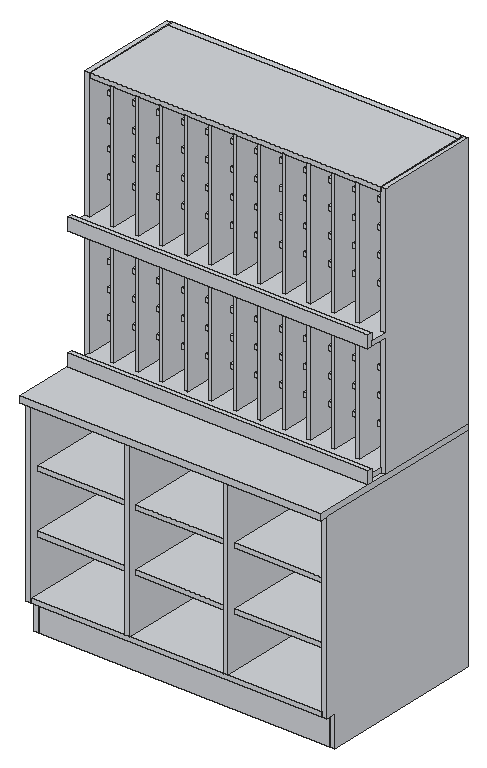
Revit family "CAB0794", category Specialty Equipment, Revit 2017 (continued)
Automatic sketch dimensions
  plane 6 "FRONT" to Extrusion 10 sketch curve = 1 1/4"
  Extrusion 10 sketch curve to plane 7 "BACK" = 3/4"
  Extrusion 10 sketch curve to Extrusion 10 sketch curve = 3/4"
  Extrusion 11 sketch curve to plane 22 = 3/4"
  Extrusion 11 sketch curve to plane 7 "BACK" = 3/4"
  plane 17 to Extrusion 11 sketch curve = 0.11205"
  Extrusion 11 sketch curve to plane 17 = 0.63795"
  Extrusion 14 sketch curve to plane 1 "Center (Front/Back)" = 1 3/4"  (x8)
  Extrusion 14 sketch curve to plane 7 "BACK" = 3/4"  (x8)
  Extrusion 14 sketch curve to plane 18 = 2.6"
  Extrusion 14 sketch curve to Extrusion 14 sketch curve = 3/4"  (x8)
  Extrusion 14 sketch curve to Extrusion 14 sketch curve = 3.35"  (x6)
  Extrusion 14 sketch curve to plane 16 = 2.6"
  Extrusion 15 sketch curve to plane 1 "Center (Front/Back)" = 1 3/4"  (x8)
  Extrusion 15 sketch curve to plane 7 "BACK" = 3/4"  (x8)
  Extrusion 15 sketch curve to plane 18 = 2.6"
  Extrusion 15 sketch curve to Extrusion 15 sketch curve = 3/4"  (x8)
  Extrusion 15 sketch curve to Extrusion 15 sketch curve = 3.35"  (x6)
  Extrusion 15 sketch curve to plane 16 = 2.6"
  Extrusion 16 sketch curve to plane 1 "Center (Front/Back)" = 1 3/4"  (x8)
  Extrusion 16 sketch curve to plane 7 "BACK" = 3/4"  (x8)
  Extrusion 16 sketch curve to plane 18 = 2.6"
  Extrusion 16 sketch curve to Extrusion 16 sketch curve = 3/4"  (x8)
  Extrusion 16 sketch curve to Extrusion 16 sketch curve = 3.35"  (x6)
  Extrusion 16 sketch curve to plane 16 = 2.6"
  Extrusion 17 sketch curve to plane 1 "Center (Front/Back)" = 1 3/4"  (x8)
  Extrusion 17 sketch curve to plane 7 "BACK" = 3/4"  (x8)
  Extrusion 17 sketch curve to plane 18 = 2.6"
  Extrusion 17 sketch curve to Extrusion 17 sketch curve = 3/4"  (x8)
  Extrusion 17 sketch curve to Extrusion 17 sketch curve = 3.35"  (x6)
  Extrusion 17 sketch curve to plane 16 = 2.6"
  Extrusion 18 sketch curve to plane 1 "Center (Front/Back)" = 1 3/4"  (x8)
  Extrusion 18 sketch curve to plane 7 "BACK" = 3/4"  (x8)
  Extrusion 18 sketch curve to plane 18 = 2.6"
  Extrusion 18 sketch curve to Extrusion 18 sketch curve = 3/4"  (x8)
  Extrusion 18 sketch curve to Extrusion 18 sketch curve = 3.35"  (x6)
  Extrusion 18 sketch curve to plane 16 = 2.6"
  Extrusion 19 sketch curve to plane 1 "Center (Front/Back)" = 1 3/4"  (x8)
  Extrusion 19 sketch curve to plane 7 "BACK" = 3/4"  (x8)
  Extrusion 19 sketch curve to plane 18 = 2.6"
  Extrusion 19 sketch curve to Extrusion 19 sketch curve = 3/4"  (x8)
  Extrusion 19 sketch curve to Extrusion 19 sketch curve = 3.35"  (x6)
  Extrusion 19 sketch curve to plane 16 = 2.6"
  Extrusion 20 sketch curve to plane 1 "Center (Front/Back)" = 1 3/4"  (x8)
  Extrusion 20 sketch curve to plane 7 "BACK" = 3/4"  (x8)
  Extrusion 20 sketch curve to plane 18 = 2.6"
  Extrusion 20 sketch curve to Extrusion 20 sketch curve = 3/4"  (x8)
  Extrusion 20 sketch curve to Extrusion 20 sketch curve = 3.35"  (x6)
  Extrusion 20 sketch curve to plane 16 = 2.6"
  Extrusion 21 sketch curve to plane 1 "Center (Front/Back)" = 1 3/4"  (x8)
  Extrusion 21 sketch curve to plane 7 "BACK" = 3/4"  (x8)
  Extrusion 21 sketch curve to plane 18 = 2.6"
  Extrusion 21 sketch curve to Extrusion 21 sketch curve = 3/4"  (x8)
  Extrusion 21 sketch curve to Extrusion 21 sketch curve = 3.35"  (x6)
  Extrusion 21 sketch curve to plane 16 = 2.6"
  Extrusion 22 sketch curve to plane 1 "Center (Front/Back)" = 1 3/4"  (x8)
  Extrusion 22 sketch curve to plane 7 "BACK" = 3/4"  (x8)
  Extrusion 22 sketch curve to plane 18 = 2.6"
  Extrusion 22 sketch curve to Extrusion 22 sketch curve = 3/4"  (x8)
  Extrusion 22 sketch curve to Extrusion 22 sketch curve = 3.35"  (x6)
  Extrusion 22 sketch curve to plane 16 = 2.6"
  Extrusion 23 sketch curve to plane 1 "Center (Front/Back)" = 1 3/4"  (x8)
  Extrusion 23 sketch curve to plane 7 "BACK" = 3/4"  (x8)
  Extrusion 23 sketch curve to plane 18 = 2.6"
  Extrusion 23 sketch curve to Extrusion 23 sketch curve = 3/4"  (x8)
  Extrusion 23 sketch curve to Extrusion 23 sketch curve = 3.35"  (x6)
  Extrusion 23 sketch curve to plane 16 = 2.6"
  Extrusion 24 sketch curve to plane 1 "Center (Front/Back)" = 1 3/4"  (x8)
  Extrusion 24 sketch curve to plane 7 "BACK" = 3/4"  (x8)
  Extrusion 24 sketch curve to plane 18 = 2.6"
  Extrusion 24 sketch curve to Extrusion 24 sketch curve = 3/4"  (x8)
  Extrusion 24 sketch curve to Extrusion 24 sketch curve = 3.35"  (x6)
  Extrusion 24 sketch curve to plane 16 = 2.6"
  Extrusion 25 sketch curve to plane 1 "Center (Front/Back)" = 1 3/4"  (x8)
  Extrusion 25 sketch curve to plane 7 "BACK" = 3/4"  (x8)
  Extrusion 25 sketch curve to plane 18 = 2.6"
  Extrusion 25 sketch curve to Extrusion 25 sketch curve = 3/4"  (x8)
  Extrusion 25 sketch curve to Extrusion 25 sketch curve = 3.35"  (x6)
  Extrusion 25 sketch curve to plane 16 = 2.6"
  Extrusion 26 sketch curve to plane 1 "Center (Front/Back)" = 1 3/4"  (x8)
  Extrusion 26 sketch curve to plane 7 "BACK" = 3/4"  (x8)
  Extrusion 26 sketch curve to plane 18 = 2.6"
  Extrusion 26 sketch curve to Extrusion 26 sketch curve = 3/4"  (x8)
  Extrusion 26 sketch curve to Extrusion 26 sketch curve = 3.35"  (x6)
  Extrusion 26 sketch curve to plane 16 = 2.6"
  Extrusion 27 sketch curve to plane 1 "Center (Front/Back)" = 1 3/4"  (x8)
  Extrusion 27 sketch curve to plane 7 "BACK" = 3/4"  (x8)
  Extrusion 27 sketch curve to plane 18 = 2.6"
  Extrusion 27 sketch curve to Extrusion 27 sketch curve = 3/4"  (x8)
  Extrusion 27 sketch curve to Extrusion 27 sketch curve = 3.35"  (x6)
  Extrusion 27 sketch curve to plane 16 = 2.6"
  Extrusion 28 sketch curve to plane 1 "Center (Front/Back)" = 1 3/4"  (x8)
  Extrusion 28 sketch curve to plane 7 "BACK" = 3/4"  (x8)
  Extrusion 28 sketch curve to plane 18 = 2.6"
  Extrusion 28 sketch curve to Extrusion 28 sketch curve = 3/4"  (x8)
  Extrusion 28 sketch curve to Extrusion 28 sketch curve = 3.35"  (x6)
  Extrusion 28 sketch curve to plane 16 = 2.6"
  Extrusion 29 sketch curve to plane 1 "Center (Front/Back)" = 1 3/4"  (x8)
  Extrusion 29 sketch curve to plane 7 "BACK" = 3/4"  (x8)
  Extrusion 29 sketch curve to plane 18 = 2.6"
  Extrusion 29 sketch curve to Extrusion 29 sketch curve = 3/4"  (x8)
  Extrusion 29 sketch curve to Extrusion 29 sketch curve = 3.35"  (x6)
  Extrusion 29 sketch curve to plane 16 = 2.6"
  Extrusion 30 sketch curve to plane 1 "Center (Front/Back)" = 1 3/4"  (x8)
  Extrusion 30 sketch curve to plane 7 "BACK" = 3/4"  (x8)
  Extrusion 30 sketch curve to plane 18 = 2.6"
  Extrusion 30 sketch curve to Extrusion 30 sketch curve = 3/4"  (x8)
  Extrusion 30 sketch curve to Extrusion 30 sketch curve = 3.35"  (x6)
  Extrusion 30 sketch curve to plane 16 = 2.6"
  Extrusion 31 sketch curve to plane 1 "Center (Front/Back)" = 1 3/4"  (x8)
  Extrusion 31 sketch curve to plane 7 "BACK" = 3/4"  (x8)
  Extrusion 31 sketch curve to plane 18 = 2.6"
  Extrusion 31 sketch curve to Extrusion 31 sketch curve = 3/4"  (x8)
  Extrusion 31 sketch curve to Extrusion 31 sketch curve = 3.35"  (x6)
  Extrusion 31 sketch curve to plane 16 = 2.6"
  Extrusion 32 sketch curve to plane 1 "Center (Front/Back)" = 1 3/4"  (x8)
  Extrusion 32 sketch curve to plane 7 "BACK" = 3/4"  (x8)
  Extrusion 32 sketch curve to plane 18 = 2.6"
  Extrusion 32 sketch curve to Extrusion 32 sketch curve = 3/4"  (x8)
  Extrusion 32 sketch curve to Extrusion 32 sketch curve = 3.35"  (x6)
  Extrusion 32 sketch curve to plane 16 = 2.6"
  Extrusion 33 sketch curve to plane 1 "Center (Front/Back)" = 1 3/4"  (x8)
  Extrusion 33 sketch curve to plane 7 "BACK" = 3/4"  (x8)
  Extrusion 33 sketch curve to plane 18 = 2.6"
  Extrusion 33 sketch curve to Extrusion 33 sketch curve = 3/4"  (x8)
  Extrusion 33 sketch curve to Extrusion 33 sketch curve = 3.35"  (x6)
  Extrusion 33 sketch curve to plane 16 = 2.6"
  Extrusion 34 sketch curve to plane 1 "Center (Front/Back)" = 1 3/4"  (x8)
  Extrusion 34 sketch curve to plane 7 "BACK" = 3/4"  (x8)
  Extrusion 34 sketch curve to plane 18 = 2.6"
  Extrusion 34 sketch curve to Extrusion 34 sketch curve = 3/4"  (x8)
  Extrusion 34 sketch curve to Extrusion 34 sketch curve = 3.35"  (x6)
  Extrusion 34 sketch curve to plane 16 = 2.6"
  Extrusion 35 sketch curve to plane 1 "Center (Front/Back)" = 1 3/4"  (x8)
  Extrusion 35 sketch curve to plane 7 "BACK" = 3/4"  (x8)
  Extrusion 35 sketch curve to plane 18 = 2.6"
  Extrusion 35 sketch curve to Extrusion 35 sketch curve = 3/4"  (x8)
  Extrusion 35 sketch curve to Extrusion 35 sketch curve = 3.35"  (x6)
  Extrusion 35 sketch curve to plane 16 = 2.6"
  Extrusion 36 sketch curve to plane 1 "Center (Front/Back)" = 1 3/4"  (x8)
  Extrusion 36 sketch curve to plane 7 "BACK" = 3/4"  (x8)
  Extrusion 36 sketch curve to plane 18 = 2.6"
  Extrusion 36 sketch curve to Extrusion 36 sketch curve = 3/4"  (x8)
  Extrusion 36 sketch curve to Extrusion 36 sketch curve = 3.35"  (x6)
  Extrusion 36 sketch curve to plane 16 = 2.6"
  Extrusion 37 sketch curve to plane 13 = 0"
  Extrusion 37 sketch curve to plane 7 "BACK" = 0"
  level to Extrusion 37 sketch curve = 3/4"
  plane 6 "FRONT" to Extrusion 37 sketch curve = 2.85256"
  plane 6 "FRONT" to Extrusion 37 sketch curve = 1 1/4"
  plane 19 to Extrusion 37 sketch curve = 1/2"
  plane 14 to Extrusion 40 sketch curve = 0"
  plane 20 to Extrusion 40 sketch curve = 1/4"
  Extrusion 40 sketch curve to plane 5 = 3/4"
  plane 19 to Extrusion 40 sketch curve = 1/2"
  Extrusion 41 sketch curve to plane 13 = 0"
  plane 6 "FRONT" to Extrusion 41 sketch curve = 2.85256"
  Extrusion 41 sketch curve to Extrusion 41 sketch curve = 3/4"
  level to Extrusion 41 sketch curve = 3/4"
  Revolve 42 sketch curve to plane 13 = 0"
  Revolve 42 sketch curve to level = 0"
  Revolve 42 sketch curve to plane 13 = 1/4"
  plane 6 "FRONT" to Revolve 42 sketch curve = 3.60256"
  level to Revolve 42 sketch curve = 0.51642"
  plane 6 "FRONT" to Revolve 42 sketch curve = 3.9804"
  Revolve 42 sketch curve to Revolve 42 sketch curve = 0.37783"
  Revolve 42 sketch curve to Revolve 42 sketch curve = 1/4"  (x2)
  Revolve 42 sketch curve to Revolve 42 sketch curve = 0.7696"
  level to Revolve 42 sketch curve = 0.14142"
  Revolve 42 sketch curve to Revolve 42 sketch curve = 7/16"
  Revolve 42 sketch curve to Revolve 42 sketch curve = 0.5196"
  Revolve 42 sketch curve to Revolve 42 sketch curve = 1.9316"
  Revolve 42 sketch curve to Revolve 42 sketch curve = 3/4"
  Revolve 43 sketch curve to plane 13 = 0"
  Revolve 43 sketch curve to level = 0"
  plane 13 to Revolve 43 sketch curve = 1/4"
  plane 7 "BACK" to Revolve 43 sketch curve = 3.60256"
  Revolve 43 sketch curve to level = 0.51642"
  plane 7 "BACK" to Revolve 43 sketch curve = 3.9804"
  Revolve 43 sketch curve to Revolve 43 sketch curve = 0.37783"
  Revolve 43 sketch curve to Revolve 43 sketch curve = 1/4"  (x2)
  Revolve 43 sketch curve to Revolve 43 sketch curve = 0.7696"
  Revolve 43 sketch curve to Revolve 43 sketch curve = 0.14142"
  Revolve 43 sketch curve to Revolve 43 sketch curve = 7/16"
  Revolve 43 sketch curve to Revolve 43 sketch curve = 0.5196"
  Revolve 43 sketch curve to Revolve 43 sketch curve = 1.9316"
  Revolve 43 sketch curve to Revolve 43 sketch curve = 3/4"
  Revolve 44 sketch curve to plane 13 = 0"
  Revolve 44 sketch curve to level = 0"
  Revolve 44 sketch curve to plane 13 = 1/4"
  plane 6 "FRONT" to Revolve 44 sketch curve = 3.60256"
  level to Revolve 44 sketch curve = 0.51642"
  plane 6 "FRONT" to Revolve 44 sketch curve = 3.9804"
  Revolve 44 sketch curve to Revolve 44 sketch curve = 0.37783"
  Revolve 44 sketch curve to Revolve 44 sketch curve = 1/4"  (x2)
  Revolve 44 sketch curve to Revolve 44 sketch curve = 0.7696"
  Revolve 44 sketch curve to Revolve 44 sketch curve = 7/16"
  level to Revolve 44 sketch curve = 0.14142"
  Revolve 44 sketch curve to Revolve 44 sketch curve = 0.5196"
  Revolve 44 sketch curve to Revolve 44 sketch curve = 1.1816"
  Revolve 44 sketch curve to Revolve 44 sketch curve = 3/4"
  Revolve 45 sketch curve to plane 13 = 0"
  Revolve 45 sketch curve to level = 0"
  Revolve 45 sketch curve to plane 13 = 1/4"
  Revolve 45 sketch curve to plane 7 "BACK" = 3.60256"
  level to Revolve 45 sketch curve = 0.51642"
  Revolve 45 sketch curve to plane 7 "BACK" = 3.9804"
  Revolve 45 sketch curve to Revolve 45 sketch curve = 0.37783"
  Revolve 45 sketch curve to Revolve 45 sketch curve = 1/4"  (x2)
  Revolve 45 sketch curve to Revolve 45 sketch curve = 0.7696"
  level to Revolve 45 sketch curve = 0.14142"
  Revolve 45 sketch curve to Revolve 45 sketch curve = 7/16"
  Revolve 45 sketch curve to Revolve 45 sketch curve = 0.5196"
  Revolve 45 sketch curve to Revolve 45 sketch curve = 1.9316"
  Revolve 45 sketch curve to Revolve 45 sketch curve = 3/4"
  plane 22 to curve 15 = 0"
  curve 14 to plane 23 = 0"
  Extrusion 1 sketch curve to plane 21 = 0"
  Extrusion 1 sketch curve to plane 7 "BACK" = 0"
  Extrusion 1 sketch curve to plane 19 = 1/2"
  Extrusion 7 sketch curve to plane 8 = 0"
  Extrusion 7 sketch curve to plane 21 = 0"
  Extrusion 7 sketch curve to plane 7 "BACK" = 3/4"
  Extrusion 7 sketch curve to plane 8 = 3/4"
  Extrusion 13 sketch curve to plane 21 = 0"
  Extrusion 13 sketch curve to plane 7 "BACK" = 0"
  Extrusion 13 sketch curve to plane 8 = 0"
  Extrusion 13 sketch curve to plane 19 = 1/2"
  Extrusion 46 sketch curve to plane 4 = 0"
  Extrusion 46 sketch curve to plane 5 = 0"
  plane 17 to Extrusion 46 sketch curve = 0.11205"
  plane 16 to Extrusion 46 sketch curve = 0.11205"
  curve 127 to plane 6 "FRONT" = 0"
  curve 131 to plane 13 = 0"
  curve 148 to level = 0"
  curve 156 to plane 22 = 0"
  curve 159 to plane 22 = 0"
  curve 158 to plane 23 = 0"
  curve 154 to plane 23 = 0"
  curve 153 to plane 21 = 0"
  curve 138 to level = 0"
  curve 129 to plane 7 "BACK" = 0"
  curve 126 to plane 8 = 0"
  plane 6 "FRONT" to curve 131 = 1 1/4"
  level to curve 132 = 3/4"
  plane 6 "FRONT" to curve 132 = 2.85256"
  level to curve 152 = 0.14142"
  curve 132 to curve 152 = 1.12783"
  curve 145 to curve 148 = 1/4"
  curve 146 to curve 146 = 1.0392"
  curve 147 to curve 152 = 1/4"
  level to curve 135 = 0.14142"
  curve 135 to plane 7 "BACK" = 5.5196"
  curve 135 to curve 138 = 1/4"
  curve 138 to curve 139 = 1.0392"
  curve 139 to curve 136 = 1/4"
  curve 151 to curve 149 = 0.23358"
  curve 136 to curve 142 = 0.23358"
  plane 19 to curve 130 = 1/2"
  curve 130 to plane 19 = 1/2"
  curve 155 to plane 18 = 1/2"
  plane 17 to curve 160 = 0.11205"
  curve 145 to curve 149 = 1/4"
  curve 150 to curve 144 = 1/4"
  curve 137 to curve 141 = 1/4"
  curve 142 to curve 136 = 1/4"
  curve 154 to curve 153 = 3/4"
  curve 157 to plane 17 = 0.63795"
  plane 16 to curve 161 = 0.11205"
  Masking region 3 sketch curve to plane 13 = 0"
  Masking region 3 sketch curve to plane 21 = 0"  (x2)
  Masking region 3 sketch curve to plane 7 "BACK" = 0"
  Masking region 3 sketch curve to plane 8 = 0"
  plane 6 "FRONT" to Masking region 3 sketch curve = 2.85256"
  plane 6 "FRONT" to Masking region 3 sketch curve = 1 1/4"
  level to Masking region 3 sketch curve = 3/4"  (x2)
  Masking region 3 sketch curve to plane 6 "FRONT" = 0"
  Masking region 3 sketch curve to plane 22 = 0"  (x2)
  Masking region 3 sketch curve to plane 18 = 1/2"
  Masking region 3 sketch curve to plane 23 = 0"  (x3)
  plane 18 to Masking region 3 sketch curve = 3/4"
  Masking region 3 sketch curve to plane 17 = 0.63795"
  plane 16 to Masking region 3 sketch curve = 0.11205"
  Masking region 3 sketch curve to level = 0"  (x2)
  Masking region 3 sketch curve to plane 7 "BACK" = 4.2304"
  Masking region 3 sketch curve to Masking region 3 sketch curve = 0.14142"
  Masking region 3 sketch curve to Masking region 3 sketch curve = 1/4"  (x7)
  Masking region 3 sketch curve to Masking region 3 sketch curve = 3/8"  (x3)
  Masking region 3 sketch curve to Masking region 3 sketch curve = 2.41704"
  Masking region 3 sketch curve to Masking region 3 sketch curve = 1.0392"  (x2)
  Masking region 3 sketch curve to Masking region 3 sketch curve = 0.23358"  (x2)
  level to Masking region 3 sketch curve = 0.14142"  (x3)
  Masking region 3 sketch curve to Masking region 3 sketch curve = 0"
  plane 19 to Masking region 3 sketch curve = 1/2"
  Masking region 3 sketch curve to plane 19 = 1/2"
  plane 17 to Masking region 3 sketch curve = 0.11205"
  Extrusion 12 sketch curve to plane 8 = 3/4"  (x11)
  Extrusion 12 sketch curve to plane 15 = 2 3/4"  (x2)
  plane 18 to Extrusion 12 sketch curve = 3/4"  (x11)
  Extrusion 12 sketch curve to Extrusion 12 sketch curve = 1/2"  (x20)
  Extrusion 12 sketch curve to Extrusion 12 sketch curve = 3 1/2"  (x15)
  plane 17 to Extrusion 12 sketch curve = 0.11205"  (x11)
  Extrusion 12 sketch curve to Extrusion 12 sketch curve = 0"  (x3)
  Extrusion 12 sketch curve to plane 3 "Center (Left/Right)" = 1/4"  (x2)
  plane 3 "Center (Left/Right)" to Extrusion 12 sketch curve = 1/4"  (x2)
  Extrusion 12 sketch curve to plane 17 = 0.63795"  (x11)
  plane 20 to Extrusion 38 sketch curve = 1/4"  (x2)
  Extrusion 38 sketch curve to Extrusion 38 sketch curve = 3/4"  (x2)
  plane 13 to Extrusion 38 sketch curve = 3/4"  (x2)
  plane 15 to Extrusion 39 sketch curve = 1/4"  (x2)
  Extrusion 39 sketch curve to plane 3 "Center (Left/Right)" = 8.91667"  (x2)
  Extrusion 39 sketch curve to Extrusion 39 sketch curve = 1 3/4"  (x4)
  plane 3 "Center (Left/Right)" to Extrusion 39 sketch curve = 7.16667"  (x2)
  Extrusion 39 sketch curve to plane 5 = 1 1/4"  (x2)
  plane 13 to Extrusion 39 sketch curve = 9.58333"  (x2)
  Extrusion 39 sketch curve to Extrusion 39 sketch curve = 0"  (x2)
  Extrusion 39 sketch curve to Extrusion 39 sketch curve = 3/4"  (x6)
  Extrusion 39 sketch curve to Extrusion 39 sketch curve = 8.83333"  (x2)
  plane 21 to curve 13 = 0"
  Masking region 2 sketch curve to plane 5 = 0"
  Masking region 2 sketch curve to level = 0"  (x2)
  Masking region 2 sketch curve to plane 4 = 0"
  Masking region 2 sketch curve to plane 8 = 0"
  level to Masking region 2 sketch curve = 0.14142"  (x4)
  Masking region 2 sketch curve to plane 5 = 1.19915"
  Masking region 2 sketch curve to Masking region 2 sketch curve = 1/4"  (x6)
  level to Masking region 2 sketch curve = 0.51642"
  Masking region 2 sketch curve to Masking region 2 sketch curve = 1.0392"
  Masking region 2 sketch curve to Masking region 2 sketch curve = 0"
  Masking region 2 sketch curve to plane 15 = 1.23835"
  plane 15 to Masking region 2 sketch curve = 0.05085"  (x2)
  Masking region 2 sketch curve to Masking region 2 sketch curve = 3/8"  (x3)
  Masking region 2 sketch curve to Masking region 2 sketch curve = 0.23358"  (x2)
  level to Masking region 2 sketch curve = 3/4"
  curve 73 to plane 5 = 0"
  curve 123 to level = 0"
  curve 113 to level = 0"
  curve 76 to plane 14 = 0"
  curve 20 to plane 8 = 0"
  curve 20 to plane 14 = 0"
  curve 70 to plane 14 = 0"
  curve 73 to plane 4 = 0"
  curve 82 to plane 13 = 0"
  level to curve 116 = 0.14142"
  curve 116 to plane 5 = 1.19915"
  curve 85 to plane 5 = 1 1/4"
  curve 90 to plane 5 = 1 1/4"
  curve 116 to curve 123 = 1/4"
  curve 121 to curve 123 = 1.0392"
  curve 122 to curve 116 = 1/4"
  plane 3 "Center (Left/Right)" to curve 84 = 8.91667"
  plane 3 "Center (Left/Right)" to curve 87 = 8.91667"
  curve 87 to curve 92 = 1 3/4"
  curve 84 to curve 98 = 1 3/4"
  level to curve 110 = 0.14142"
  curve 110 to plane 15 = 1.23835"
  curve 107 to curve 113 = 1/4"
  plane 15 to curve 112 = 0.05085"
  plane 15 to curve 103 = 1/4"
  plane 15 to curve 100 = 1/4"
  plane 15 to curve 108 = 0.30085"
  curve 116 to curve 118 = 3/8"
  curve 107 to curve 109 = 3/8"
  level to curve 19 = 3/4"
  plane 13 to curve 84 = 9.58333"
  plane 13 to curve 102 = 9.58333"
  curve 96 to curve 101 = 0"
  curve 84 to curve 83 = 3/4"
  curve 97 to curve 98 = 3/4"
  curve 101 to curve 99 = 3/4"
  curve 95 to curve 94 = 8.83333"
  curve 88 to curve 91 = 0"
  curve 99 to curve 106 = 8.83333"
  curve 103 to curve 105 = 3/4"
  curve 89 to curve 90 = 3/4"
  curve 91 to curve 92 = 3/4"
  plane 8 to curve 45 = 0.13795"
  curve 45 to plane 5 = 3/4"
  curve 69 to curve 71 = 3/4"
  plane 20 to curve 76 = 1/4"
  curve 76 to plane 5 = 3/4"
  curve 117 to curve 120 = 1/4"
  curve 124 to curve 118 = 1/4"
  plane 16 to curve 44 = 0.11205"
  curve 45 to curve 44 = 3 1/2"
  plane 17 to curve 67 = 0.11205"
  curve 67 to curve 44 = 0"
  curve 44 to curve 43 = 1/2"
  curve 67 to curve 66 = 1/2"
  curve 87 to curve 162 = 4.91769"
  curve 42 to plane 8 = 3/4"
  curve 43 to curve 42 = 3 1/2"
  curve 65 to plane 18 = 1/2"
  curve 66 to curve 65 = 3 1/2"
  curve 65 to curve 64 = 1/2"
  curve 42 to curve 41 = 1/2"
  curve 41 to curve 40 = 3 1/2"
  curve 63 to curve 40 = 0"
  curve 63 to curve 62 = 1/2"
  curve 40 to curve 39 = 1/2"
  plane 13 to curve 79 = 3/4"
  plane 3 "Center (Left/Right)" to curve 79 = 8.41667"
  curve 39 to curve 38 = 3 1/2"
  curve 62 to curve 61 = 3 1/2"
  curve 38 to curve 37 = 1/2"
  curve 61 to curve 60 = 1/2"
  curve 79 to curve 78 = 3/4"
  curve 37 to curve 36 = 3 1/2"
  curve 60 to curve 59 = 3 1/2"
  curve 36 to curve 35 = 1/2"
  curve 59 to curve 58 = 1/2"
  plane 3 "Center (Left/Right)" to curve 57 = 1/4"
  plane 3 "Center (Left/Right)" to curve 34 = 1/4"
  curve 56 to plane 3 "Center (Left/Right)" = 1/4"
  curve 33 to plane 3 "Center (Left/Right)" = 1/4"
  curve 29 to curve 28 = 3 1/2"
  curve 52 to curve 51 = 3 1/2"
  curve 28 to curve 27 = 1/2"
  curve 51 to curve 50 = 1/2"
  curve 27 to curve 26 = 3 1/2"
  curve 50 to curve 49 = 3 1/2"
  curve 49 to curve 48 = 1/2"
  curve 26 to curve 25 = 1/2"
  curve 162 to plane 15 = 4.33231"
  curve 23 to plane 15 = 3 1/4"
  curve 47 to curve 23 = 0"
  curve 23 to curve 22 = 1/2"
  curve 47 to curve 46 = 1/2"
  curve 109 to curve 115 = 1/4"
  plane 15 to curve 111 = 0.05085"
  plane 20 to curve 162 = 5.7204"
  plane 19 to curve 73 = 1/2"
  curve 72 to plane 19 = 1/2"
Nested families (in)
  nested 1: "AN - Ecode Symbol" at (0, 0, 0), visible <- "E CODE NOT ROTATED", Ecode <- "E CODE", Dept <- "DEPARTMENT NUMBER", type "AN - Ecode Symbol"
    with Ecode "", Dept ""
  nested 2: "AN - Ecode Symbol" at (0, 0, 0) x (0, 1, 0) z (0, 0, 1), visible <- "E CODE ROTATED", Ecode <- "E CODE", Dept <- "DEPARTMENT NUMBER", type "AN - Ecode Symbol"
    with Ecode "", Dept ""
Definition of nested family "AN - Ecode Symbol"
  Parameters (values of type "AN - Ecode Symbol")
    Ecode [instance] = ""
    Dept [instance] = ""
  Reference planes (in)
    plane 1: y = 0
    plane 2: x = 0
  Text (in)
    label "Dept-Ecode" at (-0.00372, -0.00728, 0), shows "Dept", "Ecode"
